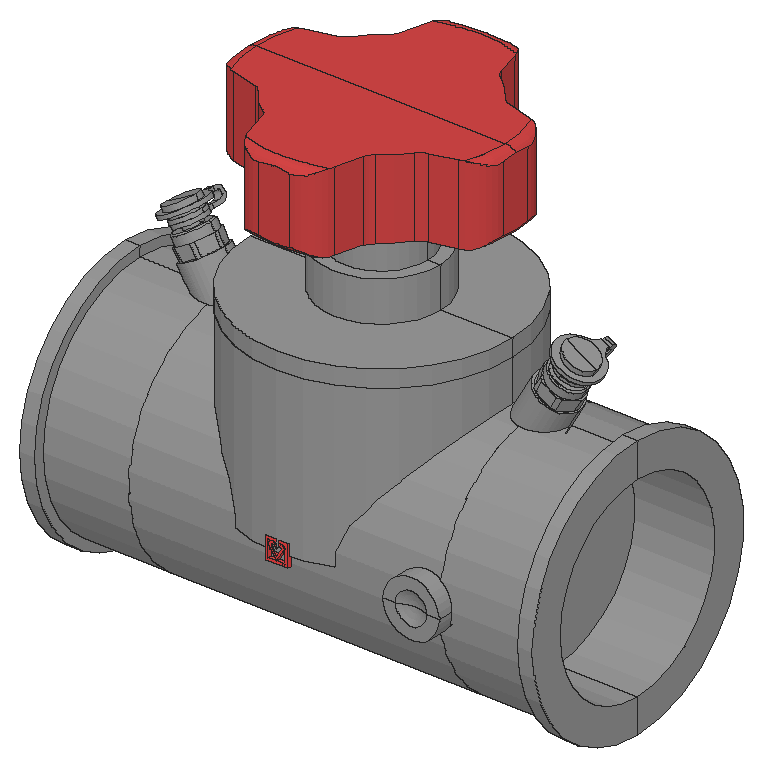
Revit family "HERZ Strömax Commissioning Valve With Test Points, Straight Body 4217 GM", category Rohrzubehör, Revit 2021
Family settings
  Bemaßung runder Anschluss = Durchmesser verwenden
  Teiletyp = Unterbricht
  OmniClass-Nummer = 23.65.55.14
  OmniClass-Titel = Valves for Liquid Services
  Arbeitsebenenbasiert = Nein
  Immer vertikal = Ja
  Beim Laden mit Abzugskörper schneiden = Nein
  Gemeinsam genutzt = Nein
Parameters
  kvs-value [instance] = if(Nennweite = 15.00 mm, 6.05, if(Nennweite = 20.00 mm, 6.11, if(Nennweite = 25.00 mm, 9.22, if(Nennweite = 32.00 mm, 18.83, if(Nennweite = 40.00 mm, 23.29, if(Nennweite = 50.00 mm, 35.26, if(Nennweite = 65.00 mm, 52.11, if(Nennweite = 80.00 mm, 76.1, 0))))))))  # 76.1
  W02 = 60.00°  # constant formula
  W01 = 30.00°  # constant formula
  Vorgabe-Ansicht = 0.00 mm
  URL = "www.herzvalves.com"
  SC_NennweiteBerechnet = 0
  SC_Dimension = ""
  SCRNSEQ = "ARM;ARM_TYP=\"STRV\";2"
  SCRNCODE = "05;07;02"  # constant formula
  S02 = 60.00 mm  # constant formula
  S01 [instance] = H00 + H01  # 119.31 mm
  R01 [instance] = size_lookup("4217_GM_", "R1", 1.00 mm, Nennweite)  # 53.00 mm
  Part number [instance] = size_lookup("4217_GM_", "Artnr", 0, Nennweite)  # 1421708
  Nennweite [instance] = 80.00 mm
  Model = "STRÖMAX-GM commissioning valve with test points, 1/2′′ – 3′′:\r\nScrew down model, brass version, socket x socket, non-rising spindle, spindle seal by means of double-O-ring, presetting by limitation of valve lift by means of internal spindle;\r\ndigital display of presetting step at the hand wheel window.\r\n2 standard test points are located adjacent to the hand wheel."
  Medium = "Water purity in accordance with the OeNORM H5195 and VDI 2035 standards.\r\nEthylene and propylene glycol can be mixed to a ratio of 25 - 50 vol. [%]."
  Max. operating pressure = 1600000.0 Pa  # constant formula
  Max. operating temperature (up to DN32) = 130 °C  # constant formula
  Max. operating temperature (from DN40) = 110 °C  # constant formula
  ML02 [instance] = size_lookup("4217_GM_", "ML2", 1.00 mm, Nennweite)  # 70.50 mm
  ML01 [instance] = size_lookup("4217_GM_", "ML1", 1.00 mm, Nennweite)  # 37.35 mm
  MD01 = 9.50 mm  # constant formula
  L02 [instance] = size_lookup("4217_GM_", "L2", 1.00 mm, Nennweite)  # 6.00 mm
  L01 [instance] = size_lookup("4217_GM_", "L1", 1.00 mm, Nennweite)  # 41.30 mm
  L00 [instance] = size_lookup("4217_GM_", "L", 1.00 mm, Nennweite)  # 210.00 mm
  IG [instance] = Nennweite / 2  # 40.00 mm
  Hersteller = "HERZ Armaturen Ges.m.b.H."  # constant formula
  H04 [instance] = size_lookup("4217_GM_", "H4", 1.00 mm, Nennweite)  # 19.00 mm
  H03 = 10.00 mm  # constant formula
  H02 [instance] = size_lookup("4217_GM_", "H2", 1.00 mm, Nennweite)  # 7.00 mm
  H01 [instance] = size_lookup("4217_GM_", "H1", 1.00 mm, Nennweite)  # 52.60 mm
  H00 [instance] = size_lookup("4217_GM_", "H", 1.00 mm, Nennweite)  # 66.71 mm
  Weight [instance] = if(Nennweite = 15.00 mm, "0.85 kg", if(Nennweite = 20.00 mm, "1.22 kg", if(Nennweite = 25.00 mm, "1.55 kg", if(Nennweite = 32.00 mm, "1.88 kg", if(Nennweite = 40.00 mm, "2.34 kg", if(Nennweite = 50.00 mm, "3.74 kg", if(Nennweite = 65.00 mm, "5.23 kg", if(Nennweite = 80.00 mm, "6.97 kg", "0 kg"))))))))  # "6.97 kg"
  GT [instance] = size_lookup("4217_GM_", "GT", 1.00 mm, Nennweite)  # 33.30 mm
  Field of application = "For hydraulic balancing in heating and cooling systems, adjustment of distribution mains, circuits, heat exchangers, heating and cooling registers, etc."
  Installation position = "The non-rising valve spindle arranged perpendicular to the valve axis guarantees optimum accessibility and optimum valve operation in any installation position."
  Differential pressure measurement = "The STRÖMAX-GM commissioning valve is equipped with two test points.\r\nThe differential pressure can be measured using a suitable measuring instrument, which permits calculation of the flow rate as a function of the respective presetting step.\r\nThe HERZ-Measuring computer (1 8900 05) permits direct flow rate reading (consult the equipment manual)."
  DN80 [instance] = Nennweite = 80.00 mm  # yes
  DN65 [instance] = Nennweite = 65.00 mm  # no
  DN50_DN80 [instance] = or(Nennweite = 50.00 mm, Nennweite = 65.00 mm, Nennweite = 80.00 mm)  # yes
  DN50-DN80 [instance] = H00 + H01  # 119.31 mm
  DN50 [instance] = Nennweite = 50.00 mm  # no
  DN40 [instance] = Nennweite = 40.00 mm  # no
  DN32 [instance] = Nennweite = 32.00 mm  # no
  DN25 [instance] = Nennweite = 25.00 mm  # no
  DN20 [instance] = Nennweite = 20.00 mm  # no
  DN15_DN40 [instance] = or(Nennweite = 15.00 mm, Nennweite = 20.00 mm, Nennweite = 25.00 mm, Nennweite = 32.00 mm, Nennweite = 40.00 mm)  # no
  DN15-DN40 [instance] = H00 + H01  # 119.31 mm
  DN15 [instance] = Nennweite = 15.00 mm  # no
  D06 [instance] = size_lookup("4217_GM_", "D6", 1.00 mm, Nennweite)  # 24.30 mm
  D05 [instance] = size_lookup("4217_GM_", "D5", 1.00 mm, Nennweite)  # 19.00 mm
  D04 = 9.00 mm  # constant formula
  D03 [instance] = size_lookup("4217_GM_", "D3", 1.00 mm, Nennweite)  # 53.80 mm
  D02 [instance] = size_lookup("4217_GM_", "D2", 1.00 mm, Nennweite)  # 54.00 mm
  D01 [instance] = size_lookup("4217_GM_", "D1", 1.00 mm, Nennweite)  # 50.00 mm
  Body = "DZR brass"  # constant formula
Reference planes
  plane 1 "Mitte (Vorne/hinten)": y = 0
  plane 2: z = 0
  plane 3 "Mitte (Links/rechts)": x = 0
Forms (mm)
  Revolve 1, solid, material "Messing, weicher Gelbton, geschweißt", detail levels fine
    sketch origin (0, 0, 0) x (1, 0, 0) y (0, 0, 1)
      loop
        line (-105, 54) -> (-105, 40) -> (-71.7, 40) -> (-71.7, 0) -> (71.7, 0) -> (71.7, 40) -> (105, 40) -> (105, 54) -> (99, 54) -> (99, 50) -> (63.7, 50)
        arc (63.7, 50) -> (0, 53) -> (-63.7, 50) r 677.782
        line (-63.7, 50) -> (-99, 50) -> (-99, 54) -> (-105, 54)
      axis (-105, 0) -> (105, 0)
    angle from 0 to 360
  Revolve 2, solid, material "Messing, weicher Gelbton, geschweißt", detail levels fine
    sketch origin (0, 0, 0) x (1, 0, 0) y (0, 0, 1)
      loop
        line (37.35, 0) -> (72.6, 61.055) -> (64.373, 65.805) -> (29.123, 4.75) -> (37.35, 0)
      axis (37.35, 0) -> (72.6, 61.055)
    angle from 0 to 360
  Revolve 3, solid, material "Messing, weicher Gelbton, geschweißt", detail levels fine
    sketch origin (0, 0, 0) x (1, 0, 0) y (0, 0, 1)
      loop
        line (0, 0) -> (0, 66.71) -> (-53.8, 66.71) -> (-53.8, 0) -> (0, 0)
      axis (0, 66.71) -> (0, 0)
    angle from 0 to 360
  Revolve 4, solid, material "Messing, weicher Gelbton, geschweißt", detail levels fine
    sketch origin (0, 0, 0) x (-1, 0, 0) y (0, 0, 1)
      loop
        line (37.35, 0) -> (72.6, 61.055) -> (64.373, 65.805) -> (29.123, 4.75) -> (37.35, 0)
      axis (37.35, 0) -> (72.6, 61.055)
    angle from 0 to 360
  Revolve 5, solid, material "Messing, weicher Gelbton, geschweißt", visible <- "DN65", detail levels fine
    sketch origin (0, 0, 0) x (1, 0, 0) y (0, 1, 0)
      loop
        line (60, 47.945) -> (60, -47.945)
        arc (60, -47.945) -> (63.368, -48.598) -> (66.5, -50) r 15
        line (66.5, -50) -> (71.5, -50) -> (71.5, 50) -> (66.5, 50)
        arc (66.5, 50) -> (63.368, 48.598) -> (60, 47.945) r 15
      axis (60, 50) -> (60, -50)
    angle from 0 to 360
  Revolve 6, solid, material "Messing, weicher Gelbton, geschweißt", detail levels fine
    sketch origin (0, 0, 0) x (1, 0, 0) y (0, 0, 1)
      loop
        line (0, 66.71) -> (0, 119.31) -> (-9, 119.31) -> (-9, 109.31) -> (-19, 109.31) -> (-19, 90.31) -> (-24.3, 90.31) -> (-24.3, 73.71) -> (-53.8, 73.71) -> (-53.8, 66.71) -> (0, 66.71)
      axis (0, 119.31) -> (0, 66.71)
    angle from 0 to 360
  Revolve 7, solid, material "Messing, weicher Gelbton, geschweißt", visible <- "DN80", detail levels fine
    sketch origin (0, 0, 0) x (1, 0, 0) y (0, 1, 0)
      loop
        line (57, 53.945) -> (57, -53.945)
        arc (57, -53.945) -> (60.368, -54.598) -> (63.5, -56) r 15
        line (63.5, -56) -> (68.5, -56) -> (68.5, 56) -> (63.5, 56)
        arc (63.5, 56) -> (60.368, 54.598) -> (57, 53.945) r 15
      axis (57, 56) -> (57, -56)
    angle from 0 to 360
Lines and regions (mm)
  model lines, detail levels coarse+medium
    curve 1: line (-105, 0, 54) -> (-105, 0, -54)
    curve 2: line (-105, 0, -54) -> (105, 0, 54)
    curve 3: line (105, 0, 54) -> (105, 0, -54)
    curve 4: line (105, 0, -54) -> (-105, 0, 54)
    curve 5: line (0, 0, 0) -> (68.884, 0, 119.31)
    curve 6: line (42.903, 0, 134.31) -> (94.864, 0, 104.31)
    curve 7: line (-105, 54, 0) -> (-105, -54, 0)
    curve 8: line (-105, -54, 0) -> (105, 54, 0)
    curve 9: line (105, 54, 0) -> (105, -54, 0)
    curve 10: line (105, -54, 0) -> (-105, 54, 0)
    curve 11: line (0, 0, 0) -> (68.884, 119.31, 0)
    curve 12: line (42.903, 134.31, 0) -> (94.864, 104.31, 0)
Dimensions and locks
  "IG": Revolve 1 sketch curve to plane 2
  "GT": Revolve 1 sketch curve to Revolve 1 sketch curve  (x2)
  "IG": Revolve 1 sketch curve to Revolve 1 sketch curve
  "D01": Revolve 1 sketch curve to Revolve 1 sketch curve  (x2)
  "R01": Revolve 1 sketch curve to Revolve 1 sketch curve
  "L02": Revolve 1 sketch curve to Revolve 1 sketch curve  (x2)
  "L01": Revolve 1 sketch curve to Revolve 1 sketch curve  (x2)
  "D02": Revolve 1 sketch curve to plane 2  (x2)
  equal spacing: Revolve 1 sketch curve, plane 3 "Mitte (Links/rechts)", Revolve 1 sketch curve
  "L00": Revolve 1 sketch curve to Revolve 1 sketch curve
  "R01": nested 1 to plane 1 "Mitte (Vorne/hinten)"
  "ML01": Revolve 2 sketch curve to plane 3 "Mitte (Links/rechts)"
  "H00": Revolve 3 sketch curve to plane 2
  "D03": Revolve 3 sketch curve to Revolve 3 sketch curve
  "ML02": Revolve 2 sketch curve to Revolve 2 sketch curve
  "MD01": Revolve 2 sketch curve to Revolve 2 sketch curve  (x2)
  "ML02": Revolve 4 sketch curve to Revolve 4 sketch curve
  "MD01": Revolve 4 sketch curve to Revolve 4 sketch curve  (x2)
  "ML01": plane 3 "Mitte (Links/rechts)" to Revolve 4 sketch curve
  Revolve 5 sketch curve to Revolve 1 = 45.00 mm
  Revolve 5 sketch curve to Revolve 5 sketch curve = 11.50 mm  (x2)
  Revolve 5 sketch curve to plane 1 "Mitte (Vorne/hinten)" to Revolve 5 sketch curve = 50.00 mm, 50.00 mm
  "H00": Revolve 6 sketch curve to plane 2
  "H01": Revolve 6 sketch curve to Revolve 6 sketch curve
  "D04": Revolve 6 sketch curve to Revolve 6 sketch curve
  "D03": Revolve 6 sketch curve to Revolve 6 sketch curve
  "D05": Revolve 6 sketch curve to Revolve 6 sketch curve
  "D06": Revolve 6 sketch curve to Revolve 6 sketch curve
  "H02": Revolve 6 sketch curve to Revolve 6 sketch curve
  "H03": Revolve 6 sketch curve to Revolve 6 sketch curve
  "H04": Revolve 6 sketch curve to Revolve 6 sketch curve
  Revolve 7 sketch curve to Revolve 1 = 48.00 mm
  Revolve 7 sketch curve to Revolve 7 sketch curve = 11.50 mm  (x2)
  Revolve 7 sketch curve to plane 1 "Mitte (Vorne/hinten)" to Revolve 7 sketch curve = 56.00 mm, 56.00 mm
  "DN15-DN40": nested 2 to plane 2
  "DN50-DN80": nested 3 to plane 2
  "D02": curve 4 to plane 2 to curve 2
  "D02": curve 3 to plane 2 to curve 4
  equal spacing: curve 1, plane 3 "Mitte (Links/rechts)", curve 3
  "L00": curve 1 to curve 3
  equal spacing: Revolve 1, curve 5, Revolve 1
  "S01": curve 5 to plane 2
  equal spacing: curve 6, curve 5, curve 6
  "S02": curve 6 to curve 6
  "D02": curve 8 to plane 1 "Mitte (Vorne/hinten)" to curve 10
  "D02": curve 10 to plane 1 "Mitte (Vorne/hinten)" to curve 9
  equal spacing: curve 7, plane 3 "Mitte (Links/rechts)", curve 9
  "L00": curve 7 to curve 9
  equal spacing: curve 7, curve 11, curve 9
  "S01": plane 1 "Mitte (Vorne/hinten)" to curve 11
  equal spacing: curve 12, curve 11, curve 12
  "S02": curve 12 to curve 12
  radius of Revolve 5 sketch curve = 15.00 mm  (x2)
  radius of Revolve 7 sketch curve = 15.00 mm  (x2)
  "W01": angle Revolve 2 sketch curve to plane 3 "Mitte (Links/rechts)"  (x2)
  "W01": angle plane 3 "Mitte (Links/rechts)" to Revolve 4 sketch curve  (x2)
  "W02": angle plane 2 to curve 5
  "W02": angle plane 1 "Mitte (Vorne/hinten)" to curve 11
  aligned and locked: level to plane 2
Automatic sketch dimensions
  Revolve 5 sketch curve to Revolve 5 sketch curve = 1.153 mm  (x2)
  Revolve 5 sketch curve to Revolve 5 sketch curve = 5.00 mm  (x2)
  Revolve 5 sketch curve to Revolve 5 sketch curve = 2.854 mm  (x2)
  Revolve 7 sketch curve to Revolve 7 sketch curve = 1.153 mm  (x2)
  Revolve 7 sketch curve to Revolve 7 sketch curve = 5.00 mm  (x2)
  Revolve 7 sketch curve to Revolve 7 sketch curve = 8.854 mm  (x2)
  Revolve 1 sketch curve to level = 0.00 mm  (x2)
  Revolve 1 sketch curve to Revolve 1 sketch curve = 1429.986 mm
  Revolve 1 sketch curve to Revolve 1 sketch curve = 1762.604 mm
  Revolve 2 sketch curve to level = 0.00 mm  (x2)
  Revolve 3 sketch curve to level = 0.00 mm
  Revolve 3 sketch curve to plane 3 "Mitte (Links/rechts)" = 0.00 mm  (x2)
  Revolve 3 sketch curve to Revolve 3 sketch curve = 366.045 mm
  Revolve 3 sketch curve to Revolve 3 sketch curve = 2179.415 mm
  Revolve 4 sketch curve to level = 0.00 mm  (x2)
  Revolve 6 sketch curve to plane 3 "Mitte (Links/rechts)" = 0.00 mm  (x2)
  Revolve 6 sketch curve to level = 366.045 mm
  Revolve 6 sketch curve to Revolve 6 sketch curve = 2146.115 mm
Nested families
  nested 1: "Herz-Logo-vorne" at (0, -53, 0) x (0, 1, 0) z (0, 0, 1), type "Herz-Logo-vorne", detail levels fine
  nested 2: "Strangregulierventil-Handrad-Gerade (Rot) DN15-DN40" at (0, 0, 119.31), visible <- "DN15_DN40", type "Strangregulierventil-Handrad-Gerade (Rot) DN15-DN40", detail levels fine
    with Nennweite 0.00 mm, Gewicht 0.00 kg, Bestellnummer 0
  nested 3: "Strangregulierventil-Handrad-Gerade (Rot) DN50-DN80" at (0, 0, 119.31), visible <- "DN50_DN80", type "Strangregulierventil-Handrad-Gerade (Rot) DN50-DN80", detail levels fine
    with Nennweite 0.00 mm, Gewicht 0.00 kg, Bestellnummer 0
  nested 4: "Messstutzen_Band_Austritt_30Grad_(oben)" at (47.24, 0, 34.901), visible <- "DN50", type "Messstutzen_Band_Austritt_30Grad_(oben)", detail levels fine
    with Schutzkappe yes, Nennweite 0.00 mm, Gewicht 0.00 kg, Bestellnummer 0
  nested 5: "Messstutzen_Band_Eintritt_30Grad_(oben)" at (-47.24, 0, 34.901) x (-1, 0, 0) z (0, 0, 1), visible <- "DN50", type "Messstutzen_Band_Eintritt_30Grad_(oben)", detail levels fine
    with Schutzkappe yes, Nennweite 0.00 mm, Gewicht 0.00 kg, Bestellnummer 0
  nested 6: "Messstutzen_Band_Austritt_30Grad_(oben)" at (27.02, 0, 10.999), visible <- "DN15", type "Messstutzen_Band_Austritt_30Grad_(oben)", detail levels fine
    with Schutzkappe yes, Nennweite 0.00 mm, Gewicht 0.00 kg, Bestellnummer 0
  nested 7: "Messstutzen_Band_Eintritt_30Grad_(oben)" at (-27.02, 0, 10.999) x (-1, 0, 0) z (0, 0, 1), visible <- "DN15", type "Messstutzen_Band_Eintritt_30Grad_(oben)", detail levels fine
    with Schutzkappe yes, Nennweite 0.00 mm, Gewicht 0.00 kg, Bestellnummer 0
  nested 8: "Messstutzen_Band_Eintritt_30Grad_(oben)" at (-24.855, 0, 13.553) x (-1, 0, 0) z (0, 0, 1), visible <- "DN20", type "Messstutzen_Band_Eintritt_30Grad_(oben)", detail levels fine
    with Schutzkappe yes, Nennweite 0.00 mm, Gewicht 0.00 kg, Bestellnummer 0
  nested 9: "Messstutzen_Band_Austritt_30Grad_(oben)" at (24.855, 0, 13.553), visible <- "DN20", type "Messstutzen_Band_Austritt_30Grad_(oben)", detail levels fine
    with Schutzkappe yes, Nennweite 0.00 mm, Gewicht 0.00 kg, Bestellnummer 0
  nested 10: "Messstutzen_Band_Eintritt_30Grad_(oben)" at (-29.265, 0, 17.883) x (-1, 0, 0) z (0, 0, 1), visible <- "DN25", type "Messstutzen_Band_Eintritt_30Grad_(oben)", detail levels fine
    with Schutzkappe yes, Nennweite 0.00 mm, Gewicht 0.00 kg, Bestellnummer 0
  nested 11: "Messstutzen_Band_Austritt_30Grad_(oben)" at (29.265, 0, 17.883), visible <- "DN25", type "Messstutzen_Band_Austritt_30Grad_(oben)", detail levels fine
    with Schutzkappe yes, Nennweite 0.00 mm, Gewicht 0.00 kg, Bestellnummer 0
  nested 12: "Messstutzen_Band_Eintritt_30Grad_(oben)" at (-37.74, 0, 24.595) x (-1, 0, 0) z (0, 0, 1), visible <- "DN32", type "Messstutzen_Band_Eintritt_30Grad_(oben)", detail levels fine
    with Schutzkappe yes, Nennweite 0.00 mm, Gewicht 0.00 kg, Bestellnummer 0
  nested 13: "Messstutzen_Band_Austritt_30Grad_(oben)" at (37.74, 0, 24.595), visible <- "DN32", type "Messstutzen_Band_Austritt_30Grad_(oben)", detail levels fine
    with Schutzkappe yes, Nennweite 0.00 mm, Gewicht 0.00 kg, Bestellnummer 0
  nested 14: "Messstutzen_Band_Eintritt_30Grad_(oben)" at (-42.8, 0, 28.665) x (-1, 0, 0) z (0, 0, 1), visible <- "DN40", type "Messstutzen_Band_Eintritt_30Grad_(oben)", detail levels fine
    with Schutzkappe yes, Nennweite 0.00 mm, Gewicht 0.00 kg, Bestellnummer 0
  nested 15: "Messstutzen_Band_Austritt_30Grad_(oben)" at (42.8, 0, 28.665), visible <- "DN40", type "Messstutzen_Band_Austritt_30Grad_(oben)", detail levels fine
    with Schutzkappe yes, Nennweite 0.00 mm, Gewicht 0.00 kg, Bestellnummer 0
  nested 16: "Messstutzen_Band_Eintritt_30Grad_(oben)" at (-54.5, 0, 38.105) x (-1, 0, 0) z (0, 0, 1), visible <- "DN65", type "Messstutzen_Band_Eintritt_30Grad_(oben)", detail levels fine
    with Schutzkappe yes, Nennweite 0.00 mm, Gewicht 0.00 kg, Bestellnummer 0
  nested 17: "Messstutzen_Band_Austritt_30Grad_(oben)" at (54.5, 0, 38.105), visible <- "DN65", type "Messstutzen_Band_Austritt_30Grad_(oben)", detail levels fine
    with Schutzkappe yes, Nennweite 0.00 mm, Gewicht 0.00 kg, Bestellnummer 0
  nested 18: "Messstutzen_Band_Eintritt_30Grad_(oben)" at (-63.85, 0, 45.899) x (-1, 0, 0) z (0, 0, 1), visible <- "DN80", type "Messstutzen_Band_Eintritt_30Grad_(oben)", detail levels fine
    with Schutzkappe yes, Nennweite 0.00 mm, Gewicht 0.00 kg, Bestellnummer 0
  nested 19: "Messstutzen_Band_Austritt_30Grad_(oben)" at (63.85, 0, 45.899), visible <- "DN80", type "Messstutzen_Band_Austritt_30Grad_(oben)", detail levels fine
    with Schutzkappe yes, Nennweite 0.00 mm, Gewicht 0.00 kg, Bestellnummer 0
Connectors
  piping at (-71.7, 0, 0), diameter 80, driven by "Nennweite"
    settings: on Revolve 1, index 1, connector inside diameter 609.6 mm, connector length 0.00 mm, flow factor 0, pipe flow 0.0 L/s, pressure drop 0.0 Pa, fitting loss kfactor 0, connector angle 0.00°, fixture units 0, engagement length 0.00 mm, angle of deflection 0.00°, flow configuration 0, flow direction 1, fitting loss method 0, system type 29, joint type 0, gender type 0, connector reference index -1, connector utility 0, adjustable connector no, is connector primary yes, connector description ""
  piping at (71.7, 0, 0), diameter 80, driven by "Nennweite"
    settings: on Revolve 1, index 2, connector inside diameter 609.6 mm, connector length 0.00 mm, flow factor 0, pipe flow 0.0 L/s, pressure drop 0.0 Pa, fitting loss kfactor 0, connector angle 0.00°, fixture units 0, engagement length 0.00 mm, angle of deflection 0.00°, flow configuration 0, flow direction 2, fitting loss method 0, system type 29, joint type 0, gender type 0, connector reference index -1, connector utility 0, adjustable connector no, is connector primary no, connector description ""
Definition of nested family "Herz-Logo-vorne"
  Parameters (values of type "Herz-Logo-vorne")
    Default Elevation = 0.00 mm
  Reference planes
    plane 1 "Mitte (Vorne/hinten)": y = 0
    plane 2: z = 0
    plane 3 "Mitte (Links/rechts)": x = 0
  Forms (mm)
    Extrusion 1, solid
      sketch origin (0.732, -0.018, 0.017) x (0, -1, 0) y (0, 0, 1)
        loop
          line (-0.018, -4.517) -> (4.482, -4.517) -> (4.482, 4.483) -> (-4.518, 4.483) -> (-4.518, -4.517) -> (-0.018, -4.517)
        loop
          line (-0.05, -3.48) -> (3.482, -3.48) -> (3.482, 3.483) -> (-3.518, 3.483) -> (-3.518, -3.48) -> (-0.05, -3.48)
        loop
          arc (-0.018, 2.383) -> (-1.543, 3.287) -> (-3.067, 2.383) r 1.738
          arc (-3.067, 2.383) -> (-3.191, 1.899) -> (-3.067, 1.415) r 1.009
          line (-3.067, 1.415) -> (-0.018, -3.281) -> (3.032, 1.415)
          arc (3.032, 1.415) -> (3.156, 1.899) -> (3.032, 2.383) r 1.009
          arc (3.032, 2.383) -> (1.507, 3.287) -> (-0.018, 2.383) r 1.738
        loop
          arc (1.885, 1.272) -> (2.005, 1.675) -> (1.885, 2.079) r 0.74
          arc (1.885, 2.079) -> (1.265, 2.416) -> (0.644, 2.079) r 0.74
          line (0.644, 2.079) -> (-0.018, 0.97) -> (-0.679, 2.079)
          arc (-0.679, 2.079) -> (-1.3, 2.416) -> (-1.921, 2.079) r 0.74
          arc (-1.921, 2.079) -> (-2.04, 1.675) -> (-1.921, 1.272) r 0.74
          line (-1.921, 1.272) -> (-0.018, -1.658) -> (1.885, 1.272)
      from 0 to 1.5
  Dimensions and locks
    aligned and locked: level to plane 2
Definition of nested family "Strangregulierventil-Handrad-Gerade (Rot) DN15-DN40"
  Parameters (values of type "Strangregulierventil-Handrad-Gerade (Rot) DN15-DN40")
    Default Elevation = 0.00 mm
    URL = "www.herz-armaturen.at"
    Nennweite [instance] = 0.00 mm
    Manufacturer = "Herz Armaturen GmbH"  # constant formula
    Gewicht [instance] = 0.00 kg
    Bestellnummer [instance] = 0
  Reference planes
    plane 1 "Mitte (Vorne/hinten)": y = 0
    plane 2: z = 0
    plane 3 "Mitte (Links/rechts)": x = 0
  Forms (mm)
    Revolve 1, solid, detail levels fine
      sketch origin (0, 0, 0) x (1, 0, 0) y (0, 0, 1)
        loop
          line (0, 0) -> (0, 24.95) -> (-30.992, 24.95)
          arc (-30.992, 24.95) -> (-34.37, 23.636) -> (-35.973, 20.386) r 5
          line (-35.973, 20.386) -> (-37, 8.65) -> (-35.986, -2.936)
          arc (-35.986, -2.936) -> (-34.383, -6.186) -> (-31.005, -7.5) r 5
          line (-31.005, -7.5) -> (-15, -7.5) -> (-15, 0) -> (0, 0)
        axis (0, 24.95) -> (0, -7.5)
      angle from 0 to 360
    Extrusion 2, void
      sketch origin (0, 0, 20.3) x (1, 0, 0) y (0, 1, 0)
        loop
          line (3.861, 35.5) -> (-3.861, 35.5)
          arc (-3.861, 35.5) -> (-8.731, 33.847) -> (-11.589, 29.571) r 8
          line (-11.589, 29.571) -> (-13.284, 23.245)
          arc (-13.284, 23.245) -> (-13.982, 21.722) -> (-15.144, 20.516) r 5
          arc (-15.144, 20.516) -> (-18.031, 18.031) -> (-20.516, 15.144) r 25.5
          arc (-20.516, 15.144) -> (-21.722, 13.982) -> (-23.245, 13.284) r 5
          line (-23.245, 13.284) -> (-29.571, 11.589)
          arc (-29.571, 11.589) -> (-33.847, 8.731) -> (-35.5, 3.861) r 8
          line (-35.5, 3.861) -> (-35.5, -3.861)
          arc (-35.5, -3.861) -> (-33.847, -8.731) -> (-29.571, -11.589) r 8
          line (-29.571, -11.589) -> (-23.245, -13.284)
          arc (-23.245, -13.284) -> (-21.722, -13.982) -> (-20.516, -15.144) r 5
          arc (-20.516, -15.144) -> (-18.031, -18.031) -> (-15.144, -20.516) r 25.5
          arc (-15.144, -20.516) -> (-13.982, -21.722) -> (-13.284, -23.245) r 5
          line (-13.284, -23.245) -> (-11.589, -29.571)
          arc (-11.589, -29.571) -> (-8.731, -33.847) -> (-3.861, -35.5) r 8
          line (-3.861, -35.5) -> (3.861, -35.5)
          arc (3.861, -35.5) -> (8.731, -33.847) -> (11.589, -29.571) r 8
          line (11.589, -29.571) -> (13.284, -23.245)
          arc (13.284, -23.245) -> (13.982, -21.722) -> (15.144, -20.516) r 5
          arc (15.144, -20.516) -> (18.031, -18.031) -> (20.516, -15.144) r 25.5
          arc (20.516, -15.144) -> (21.722, -13.982) -> (23.245, -13.284) r 5
          line (23.245, -13.284) -> (29.571, -11.589)
          arc (29.571, -11.589) -> (33.847, -8.731) -> (35.5, -3.861) r 8
          line (35.5, -3.861) -> (35.5, 3.861)
          arc (35.5, 3.861) -> (33.847, 8.731) -> (29.571, 11.589) r 8
          line (29.571, 11.589) -> (23.245, 13.284)
          arc (23.245, 13.284) -> (21.722, 13.982) -> (20.516, 15.144) r 5
          arc (20.516, 15.144) -> (18.031, 18.031) -> (15.144, 20.516) r 25.5
          arc (15.144, 20.516) -> (13.982, 21.722) -> (13.284, 23.245) r 5
          line (13.284, 23.245) -> (11.589, 29.571)
          arc (11.589, 29.571) -> (8.731, 33.847) -> (3.861, 35.5) r 8
        loop
          circle (0, 0) r 38
      from -31.266 to 7.923
  Cuts and joins
    Extrusion 2 cuts Revolve 1
  Dimensions and locks
    Revolve 1 sketch curve to Revolve 1 sketch curve = 15.00 mm
    Revolve 1 sketch curve to Revolve 1 sketch curve = 16.15 mm
    Revolve 1 sketch curve to Revolve 1 sketch curve = 16.30 mm
    angle Revolve 1 sketch curve to Revolve 1 sketch curve = 95.00°
    aligned and locked: level to plane 2
Definition of nested family "Strangregulierventil-Handrad-Gerade (Rot) DN50-DN80"
  Parameters (values of type "Strangregulierventil-Handrad-Gerade (Rot) DN50-DN80")
    Default Elevation = 0.00 mm
    URL = "www.herz-armaturen.at"
    Nennweite [instance] = 0.00 mm
    Manufacturer = "Herz Armaturen GmbH"  # constant formula
    Gewicht [instance] = 0.00 kg
    Bestellnummer [instance] = 0
  Reference planes
    plane 1 "Mitte (Vorne/hinten)": y = 0
    plane 2: z = 0
    plane 3 "Mitte (Links/rechts)": x = 0
  Forms (mm)
    Revolve 1, solid, detail levels fine
      sketch origin (0, 0, 0) x (1, 0, 0) y (0, 0, 1)
        loop
          line (0, 0) -> (0, 24.95) -> (-50.992, 24.95)
          arc (-50.992, 24.95) -> (-54.37, 23.636) -> (-55.973, 20.386) r 5
          line (-55.973, 20.386) -> (-57, 8.65) -> (-55.986, -2.936)
          arc (-55.986, -2.936) -> (-54.383, -6.186) -> (-51.005, -7.5) r 5
          line (-51.005, -7.5) -> (-15, -7.5) -> (-15, 0) -> (0, 0)
        axis (0, 24.95) -> (0, -7.5)
      angle from 0 to 360
    Extrusion 2, void
      sketch origin (0, 0, 20.3) x (1, 0, 0) y (0, 1, 0)
        loop
          line (-55, 6.292) -> (-55, -6.292)
          arc (-55, -6.292) -> (-52.52, -13.597) -> (-46.106, -17.883) r 12
          line (-46.106, -17.883) -> (-35.399, -20.752)
          arc (-35.399, -20.752) -> (-33.541, -21.612) -> (-32.08, -23.047) r 6
          arc (-32.08, -23.047) -> (-27.931, -27.931) -> (-23.047, -32.08) r 39.5
          arc (-23.047, -32.08) -> (-21.612, -33.541) -> (-20.752, -35.399) r 6
          line (-20.752, -35.399) -> (-17.883, -46.106)
          arc (-17.883, -46.106) -> (-13.597, -52.52) -> (-6.292, -55) r 12
          line (-6.292, -55) -> (6.292, -55)
          arc (6.292, -55) -> (13.597, -52.52) -> (17.883, -46.106) r 12
          line (17.883, -46.106) -> (20.752, -35.399)
          arc (20.752, -35.399) -> (21.612, -33.541) -> (23.047, -32.08) r 6
          arc (23.047, -32.08) -> (27.931, -27.931) -> (32.08, -23.047) r 39.5
          arc (32.08, -23.047) -> (33.541, -21.612) -> (35.399, -20.752) r 6
          line (35.399, -20.752) -> (46.106, -17.883)
          arc (46.106, -17.883) -> (52.52, -13.597) -> (55, -6.292) r 12
          line (55, -6.292) -> (55, 6.292)
          arc (55, 6.292) -> (52.52, 13.597) -> (46.106, 17.883) r 12
          line (46.106, 17.883) -> (35.399, 20.752)
          arc (35.399, 20.752) -> (33.541, 21.612) -> (32.08, 23.047) r 6
          arc (32.08, 23.047) -> (27.931, 27.931) -> (23.047, 32.08) r 39.5
          arc (23.047, 32.08) -> (21.612, 33.541) -> (20.752, 35.399) r 6
          line (20.752, 35.399) -> (17.883, 46.106)
          arc (17.883, 46.106) -> (13.597, 52.52) -> (6.292, 55) r 12
          line (6.292, 55) -> (-6.292, 55)
          arc (-6.292, 55) -> (-13.597, 52.52) -> (-17.883, 46.106) r 12
          line (-17.883, 46.106) -> (-20.752, 35.399)
          arc (-20.752, 35.399) -> (-21.612, 33.541) -> (-23.047, 32.08) r 6
          arc (-23.047, 32.08) -> (-27.931, 27.931) -> (-32.08, 23.047) r 39.5
          arc (-32.08, 23.047) -> (-33.541, 21.612) -> (-35.399, 20.752) r 6
          line (-35.399, 20.752) -> (-46.106, 17.883)
          arc (-46.106, 17.883) -> (-52.52, 13.597) -> (-55, 6.292) r 12
        loop
          circle (0, 0) r 60
      from -31.161 to 7.489
  Cuts and joins
    Extrusion 2 cuts Revolve 1
  Dimensions and locks
    Revolve 1 sketch curve to Revolve 1 sketch curve = 15.00 mm
    Revolve 1 sketch curve to Revolve 1 sketch curve = 16.15 mm
    Revolve 1 sketch curve to Revolve 1 sketch curve = 16.30 mm
    Revolve 1 sketch curve to Revolve 1 sketch curve = 57.00 mm
    angle Revolve 1 sketch curve to Revolve 1 sketch curve = 95.00°
    aligned and locked: level to plane 2
Definition of nested family "Messstutzen_Band_Austritt_30Grad_(oben)"
  Parameters (values of type "Messstutzen_Band_Austritt_30Grad_(oben)")
    Default Elevation = 0.00 mm
    URL = "www.herz-armaturen.at"
    Schutzkappe [instance] = yes
    Nennweite [instance] = 0.00 mm
    Manufacturer = "Herz Armaturen GmbH"  # constant formula
    Gewicht [instance] = 0.00 kg
    Bestellnummer [instance] = 0
  Reference planes
    plane 1 "Mitte (Vorne/hinten)": y = 0
    plane 2: z = 0
    plane 3 "Mitte (Links/rechts)": x = 0
  Forms (mm)
    Revolve 1, solid, detail levels fine
      sketch origin (0, 0, 0) x (0.866025, 0, -0.5) y (0.5, 0, 0.866025)
        loop
          line (-7.4, 9) -> (-5.55, 9) -> (-5.55, 6)
          arc (-5.55, 6) -> (-5.626, 5.617) -> (-5.843, 5.293) r 1
          line (-5.843, 5.293) -> (-6.455, 4.681) -> (-6.455, 0.9) -> (-5.555, 0) -> (-2, 0) -> (-2, 17.5) -> (-8.4, 17.5)
          arc (-8.4, 17.5) -> (-7.693, 17.207) -> (-7.4, 16.5) r 1
          line (-7.4, 16.5) -> (-7.4, 9)
        loop
          line (-3.7, 27) -> (-7.3, 27) -> (-7.9, 26.4) -> (-7.9, 23) -> (-2, 23) -> (-2, 35.8) -> (-3.805, 35.8) -> (-4.415, 35.19) -> (-4.415, 30.863) -> (-3.7, 30.45) -> (-3.7, 27)
        axis (0, 0) -> (0, 35.8)
      angle from 0 to 360
    Extrusion 2, solid, detail levels fine
      sketch origin (8.75, 0, 15.155) x (0, 1, 0) y (-0.866025, 0, 0.5)
        loop
          arc (-7.07, 5.156) -> (-7.578, 4.375) -> (-8, 3.544) r 8.75
          line (-8, 3.544) -> (-8, -3.544)
          arc (-8, -3.544) -> (-7.578, -4.375) -> (-7.07, -5.156) r 8.75
          line (-7.07, -5.156) -> (-0.93, -8.7)
          arc (-0.93, -8.7) -> (0, -8.75) -> (0.93, -8.7) r 8.75
          line (0.93, -8.7) -> (7.07, -5.156)
          arc (7.07, -5.156) -> (7.578, -4.375) -> (8, -3.544) r 8.75
          line (8, -3.544) -> (8, 3.544)
          arc (8, 3.544) -> (7.578, 4.375) -> (7.07, 5.156) r 8.75
          line (7.07, 5.156) -> (0.93, 8.7)
          arc (0.93, 8.7) -> (0, 8.75) -> (-0.93, 8.7) r 8.75
          line (-0.93, 8.7) -> (-7.07, 5.156)
      from 0 to 5.5
    Revolve 3, solid, visible <- "Schutzkappe", detail levels fine
      sketch origin (0, 0, 0) x (0.866025, 0, -0.5) y (0.5, 0, 0.866025)
        loop
          line (0, 35.878) -> (0, 36.678) -> (-7, 36.678) -> (-7, 33.378) -> (-6.1, 33.378) -> (-6.1, 31.678) -> (-6.9, 31.678) -> (-6.9, 30.178) -> (-4.415, 30.178) -> (-4.415, 35.268) -> (-3.805, 35.878) -> (0, 35.878)
        axis (0, 30.178) -> (0, 36.678)
      angle from 0 to 360
    Extrusion 4, solid, detail levels fine
      sketch origin (14.25, 0, 24.682) x (0, 1, 0) y (0.866025, 0, -0.5)
        loop
          circle (0, 0) r 3.7
        loop
          arc (5.505, -3.906) -> (7.288, -2.358) -> (9.582, -1.8) r 5
          line (9.582, -1.8) -> (9.582, 1.8)
          arc (9.582, 1.8) -> (7.288, 2.358) -> (5.505, 3.906) r 5
          arc (5.505, 3.906) -> (-6.75, 0) -> (5.505, -3.906) r 6.75
      from 0 to -1.5
    Extrusion 5, solid, detail levels fine
      sketch origin (16.589, 0, 28.733) x (0, 1, 0) y (0.866025, 0, -0.5)
        loop
          circle (0, 0) r 6.1
        loop
          arc (8.652, -4.495) -> (10.493, -2.527) -> (13.089, -1.8) r 5
          line (13.089, -1.8) -> (13.089, 1.8)
          arc (13.089, 1.8) -> (10.493, 2.527) -> (8.652, 4.495) r 5
          arc (8.652, 4.495) -> (-9.75, 0) -> (8.652, -4.495) r 9.75
      from 0 to -1.5
    Sweep 6, solid, detail levels fine
      path origin (1.029, 0.159, 0.98) x (-0.5, 0, -0.866025) y (0, 1, 0)
        loop
          line (-27.75, 9.582) -> (-27.75, 14.522)
          arc (-27.75, 14.522) -> (-30.089, 16.862) -> (-32.428, 14.522) r 2.339
          line (-32.428, 14.522) -> (-32.428, 13.089)
      profile origin (14.904, 12.211, 25.012) x (0.5, 0, 0.866025) y (0.866025, 0, -0.5)
        loop
          line (-0.75, -1.8) -> (0.75, -1.8) -> (0.75, 1.8) -> (-0.75, 1.8) -> (-0.75, -1.8)
  Dimensions and locks
    aligned and locked: level to plane 2
Definition of nested family "Messstutzen_Band_Eintritt_30Grad_(oben)"
  Parameters (values of type "Messstutzen_Band_Eintritt_30Grad_(oben)")
    Default Elevation = 0.00 mm
    URL = "www.herz-armaturen.at"
    Schutzkappe [instance] = yes
    Nennweite [instance] = 0.00 mm
    Manufacturer = "Herz Armaturen GmbH"  # constant formula
    Gewicht [instance] = 0.00 kg
    Bestellnummer [instance] = 0
  Reference planes
    plane 1 "Mitte (Vorne/hinten)": y = 0
    plane 2: z = 0
    plane 3 "Mitte (Links/rechts)": x = 0
  Forms (mm)
    Revolve 1, solid, detail levels fine
      sketch origin (0, 0, 0) x (0.866025, 0, -0.5) y (0.5, 0, 0.866025)
        loop
          line (-7.4, 9) -> (-5.55, 9) -> (-5.55, 6)
          arc (-5.55, 6) -> (-5.626, 5.617) -> (-5.843, 5.293) r 1
          line (-5.843, 5.293) -> (-6.455, 4.681) -> (-6.455, 0.9) -> (-5.555, 0) -> (-2, 0) -> (-2, 17.5) -> (-8.4, 17.5)
          arc (-8.4, 17.5) -> (-7.693, 17.207) -> (-7.4, 16.5) r 1
          line (-7.4, 16.5) -> (-7.4, 9)
        loop
          line (-3.7, 27) -> (-7.3, 27) -> (-7.9, 26.4) -> (-7.9, 23) -> (-2, 23) -> (-2, 35.8) -> (-3.805, 35.8) -> (-4.415, 35.19) -> (-4.415, 30.863) -> (-3.7, 30.45) -> (-3.7, 27)
        axis (0, 0) -> (0, 35.8)
      angle from 0 to 360
    Extrusion 2, solid, detail levels fine
      sketch origin (8.75, 0, 15.155) x (0, 1, 0) y (-0.866025, 0, 0.5)
        loop
          arc (-7.07, 5.156) -> (-7.578, 4.375) -> (-8, 3.544) r 8.75
          line (-8, 3.544) -> (-8, -3.544)
          arc (-8, -3.544) -> (-7.578, -4.375) -> (-7.07, -5.156) r 8.75
          line (-7.07, -5.156) -> (-0.93, -8.7)
          arc (-0.93, -8.7) -> (0, -8.75) -> (0.93, -8.7) r 8.75
          line (0.93, -8.7) -> (7.07, -5.156)
          arc (7.07, -5.156) -> (7.578, -4.375) -> (8, -3.544) r 8.75
          line (8, -3.544) -> (8, 3.544)
          arc (8, 3.544) -> (7.578, 4.375) -> (7.07, 5.156) r 8.75
          line (7.07, 5.156) -> (0.93, 8.7)
          arc (0.93, 8.7) -> (0, 8.75) -> (-0.93, 8.7) r 8.75
          line (-0.93, 8.7) -> (-7.07, 5.156)
      from 0 to 5.5
    Revolve 3, solid, visible <- "Schutzkappe", detail levels fine
      sketch origin (0, 0, 0) x (0.866025, 0, -0.5) y (0.5, 0, 0.866025)
        loop
          line (0, 35.878) -> (0, 36.678) -> (-7, 36.678) -> (-7, 33.378) -> (-6.1, 33.378) -> (-6.1, 31.678) -> (-6.9, 31.678) -> (-6.9, 30.178) -> (-4.415, 30.178) -> (-4.415, 35.268) -> (-3.805, 35.878) -> (0, 35.878)
        axis (0, 30.178) -> (0, 36.678)
      angle from 0 to 360
    Extrusion 4, solid, detail levels fine
      sketch origin (14.25, 0, 24.682) x (0, 1, 0) y (0.866025, 0, -0.5)
        loop
          circle (0, 0) r 3.7
        loop
          arc (5.505, -3.906) -> (7.288, -2.358) -> (9.582, -1.8) r 5
          line (9.582, -1.8) -> (9.582, 1.8)
          arc (9.582, 1.8) -> (7.288, 2.358) -> (5.505, 3.906) r 5
          arc (5.505, 3.906) -> (-6.75, 0) -> (5.505, -3.906) r 6.75
      from 0 to -1.5
    Extrusion 5, solid, detail levels fine
      sketch origin (16.589, 0, 28.733) x (0, 1, 0) y (0.866025, 0, -0.5)
        loop
          circle (0, 0) r 6.1
        loop
          arc (8.652, -4.495) -> (10.493, -2.527) -> (13.089, -1.8) r 5
          line (13.089, -1.8) -> (13.089, 1.8)
          arc (13.089, 1.8) -> (10.493, 2.527) -> (8.652, 4.495) r 5
          arc (8.652, 4.495) -> (-9.75, 0) -> (8.652, -4.495) r 9.75
      from 0 to -1.5
    Sweep 6, solid, detail levels fine
      path origin (0.933, -0.183, 1.116) x (-0.5, 0, -0.866025) y (0, 1, 0)
        loop
          line (-27.75, 9.582) -> (-27.75, 14.522)
          arc (-27.75, 14.522) -> (-30.089, 16.862) -> (-32.428, 14.522) r 2.339
          line (-32.428, 14.522) -> (-32.428, 13.089)
      profile origin (14.808, 11.869, 25.148) x (0.5, 0, 0.866025) y (0.866025, 0, -0.5)
        loop
          line (-0.75, -1.8) -> (0.75, -1.8) -> (0.75, 1.8) -> (-0.75, 1.8) -> (-0.75, -1.8)
  Dimensions and locks
    aligned and locked: level to plane 2
